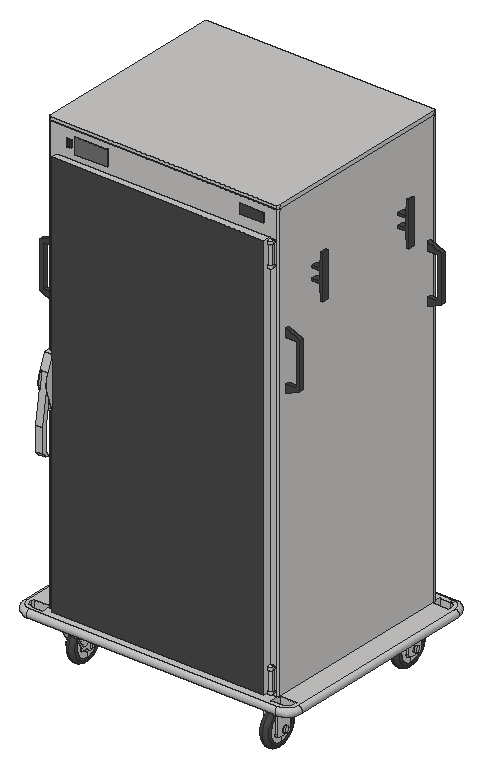
Revit family
Parameters
  Weight = "415 lbs."
  Watts = Apparent Power  # 0 W
  Volts = 0 V
  URL Manufacturer = "www.alto-shaam.com"
  URL Cutsheet = "www.alto-shaam.com"
  Type Mark [instance] = ""
  Status [instance] = ""
  Specification by User [instance] = ""
  Specification by Manufacturer = ""
  Show Logo [instance] = yes
  Show Left Door Swing [instance] = no
  Show Clearance [instance] = yes
  Serial Number = ""
  Seismic Rating = ""
  SMACNA No = ""
  Right Door [instance] = not(Show Left Door Swing)  # yes
  Revision Code [instance] = ""
  RC [instance] = and((not(Show Left Door Swing)), Show Clearance)  # yes
  Phase = 1
  Omniclass Number and Title = ""
  Number of Poles [instance] = 1
  NAFEM Spec ID Number = ""
  Model = "1000-BQ2-96"
  Min Ckt Ampacity = 0 A
  Max Overcurrent Protection = 0 A
  MasterSpec. = ""
  Manufacturer = "Alto-Shaam"
  Left Door [instance] = not(Right Door)  # no
  LHn-Dim [instance] = if(Show Left Door Swing, 33 7/8", 4 1/16")  # 4 1/16"
  LH-Dim [instance] = if(Show Left Door Swing, 33 1/2", 3 9/32")  # 3 9/32"
  LC [instance] = and(((Show Left Door Swing)), Show Clearance)  # no
  Item Number [instance] = ""
  Installed By [instance] = ""
  Identify Quantity as Lot [instance] = yes
  HP = ""
  Furnished By [instance] = ""
  Foodservice Equipment Identifier [instance] = yes
  FL Amps = 0 A
  Electrical Remarks [instance] = ""
  Electric Connection Type [instance] = ""
  Elec Conn RI Height [instance] = 0"
  Elec Conn Connection Height [instance] = 64 1/2"
  Door Left [instance] = if(Show Left Door Swing, 10 25/32", 33 1/2")  # 33 1/2"
  Description = "Hot Holding Banquet Carts"
  Cycle = if(Code = 0, (if([60 Hertz Option], 60 Hz, 50 Hz)), 60 Hz)  # 60 Hz
  Conn Plug NEMA = ""
  Conn Conduit = yes
  Code = 0
  CSI MasterFormat = ""
  CSI Master Format = ""
  Apparent Power = if(Phase = 3, Volts * FL Amps * 1.73, Volts * FL Amps)  # 0 VA
  60 Hertz Option = yes
  50 Hertz Option = not([60 Hertz Option])  # no
Reference planes (in)
  plane 1 "BACK": y = 0
  plane 2: z = 0
  plane 3 "LEFT": x = 0
  plane 4 "RIGHT": x = 37.9375
  plane 5 "FRONT": y = -30.8125
  plane 6 "TOP": z = 67.625
  plane 7: y = -15.375
  plane 8: z = 6.5625
  plane 9: x = 18.96875
  plane 10: z = 64.5
Forms (in)
  Extrusion 1, solid, material "QF_Finishes_Stainless Steel"
    sketch origin (0, 0, 0) x (1, 0, 0) y (0, 0, 1)
      loop
        line (3.28125, 67.18722) -> (34.65625, 67.18722) -> (34.65625, 67.625) -> (3.28125, 67.625) -> (3.28125, 67.18722)
      loop
        line (3.28125, 67.12472) -> (3.28125, 7.5625) -> (34.65625, 7.5625) -> (34.65625, 67.12472) -> (3.28125, 67.12472)
    from 1.8572 to 28.65119
  Extrusion 2, solid, material "QF_Finishes_Black"
    sketch origin (-58.76155, 0, 0) x (1, 0, 0) y (0, 0, 1)
      loop
        line (62.0428, 51.10392) -> (62.0428, 52.32533) -> (59.97259, 51.38227) -> (59.97259, 45.17783) -> (62.0428, 44.23477) -> (62.0428, 45.45618) -> (60.47259, 45.45618) -> (60.47259, 51.10392) -> (62.0428, 51.10392)
      loop
        line (93.4178, 51.10392) -> (94.98801, 51.10392) -> (94.98801, 45.45618) -> (93.4178, 45.45618) -> (93.4178, 44.23477) -> (95.48801, 45.17783) -> (95.48801, 51.38227) -> (93.4178, 52.32533) -> (93.4178, 51.10392)
    from 27.08462 to 27.58462
  Extrusion 3, solid, material "QF_Finishes_Black"
    sketch origin (-58.76155, 24.22335, 0) x (1, 0, 0) y (0, 0, 1)
      loop
        line (62.0428, 51.10392) -> (62.0428, 52.32533) -> (59.97259, 51.38227) -> (59.97259, 45.17783) -> (62.0428, 44.23477) -> (62.0428, 45.45618) -> (60.47259, 45.45618) -> (60.47259, 51.10392) -> (62.0428, 51.10392)
      loop
        line (93.4178, 51.10392) -> (94.98801, 51.10392) -> (94.98801, 45.45618) -> (93.4178, 45.45618) -> (93.4178, 44.23477) -> (95.48801, 45.17783) -> (95.48801, 51.38227) -> (93.4178, 52.32533) -> (93.4178, 51.10392)
    from 27.08462 to 27.58462
  Extrusion 4, solid, material "QF_Finishes_Stainless Steel"
    sketch origin (-7.5, -0.29863, 0) x (0, 1, 0) y (0, 0, 1)
      loop
        line (-28.35256, 39.09404) -> (-29.10256, 39.09404) -> (-30.0666, 36.49071) -> (-30.18722, 35.80667) -> (-30.0666, 35.12262) -> (-29.10256, 32.17868) -> (-28.35256, 32.17868) -> (-28.35256, 39.09404)
    from 10.78125 to 11.9375
  Extrusion 5, void
    sketch origin (-3.58767, -28.58869, 0) x (-1, 0, 0) y (0, 0, 1)
      loop
        line (-6.96406, 37.22632) -> (-7.91278, 37.22632) -> (-7.91278, 32.22632) -> (-6.96406, 32.22632) -> (-6.96406, 37.22632)
    from -2.08424 to -0.50373
  Extrusion 6, solid, material "QF_Finishes_Black"
    sketch origin (-58.76155, -28.58869, 0) x (1, 0, 0) y (0, 0, 1)
      loop
        line (95.06775, 60.07929) -> (94.78356, 60.07929) -> (94.61752, 58.0258) -> (93.4178, 58.0258) -> (93.4178, 57.69436) -> (94.59072, 57.69436) -> (94.59072, 56.46422) -> (93.4178, 56.46422) -> (93.4178, 56.12702) -> (94.61799, 56.12702) -> (94.78356, 54.07929) -> (95.06775, 54.07929) -> (95.06775, 60.07929)
    from -6.25559 to -5.50559
  Extrusion 7, solid, material "QF_Finishes_Black"
    sketch origin (-58.76155, -2.16131, 0) x (1, 0, 0) y (0, 0, -1)
      loop
        line (95.06775, -60.07929) -> (95.06775, -54.07929) -> (94.78356, -54.07929) -> (94.61799, -56.12702) -> (93.4178, -56.12702) -> (93.4178, -56.46422) -> (94.59072, -56.46422) -> (94.59072, -57.69436) -> (93.4178, -57.69436) -> (93.4178, -58.0258) -> (94.61752, -58.0258) -> (94.78356, -60.07929) -> (95.06775, -60.07929)
    from -6.25559 to -5.50559
  Revolve 8, solid, material "QF_Finishes_Stainless Steel"
    sketch origin (-0.40625, -28.97932, 0) x (1, 0, 0) y (0, 0, 1)
      loop
        line (34.28125, 59.97522) -> (34.28125, 63.42718)
        arc (34.28125, 63.42718) -> (34.13219, 63.40009) -> (34.0006, 63.32503) r 0.44951
        line (34.0006, 63.32503) -> (33.90625, 63.32503) -> (33.90625, 63.02257) -> (34, 63.02257) -> (34, 60.37983) -> (33.90625, 60.37983) -> (33.90625, 60.07737) -> (34.0006, 60.07737)
        arc (34.0006, 60.07737) -> (34.13219, 60.0023) -> (34.28125, 59.97522) r 0.44951
      loop
        arc (34.28125, 11.30708) -> (34.13219, 11.28) -> (34.0006, 11.20493) r 0.44951
        line (34.0006, 11.20493) -> (33.90625, 11.20493) -> (33.90625, 10.90247) -> (34, 10.90247) -> (34, 8.25973) -> (33.90625, 8.25973) -> (33.90625, 7.95727) -> (34.0006, 7.95727)
        arc (34.0006, 7.95727) -> (34.13219, 7.8822) -> (34.28125, 7.85512) r 0.44951
        line (34.28125, 7.85512) -> (34.28125, 11.30708)
      axis (34.28125, 63.42718) -> (34.28125, 7.85512)
    angle from 0 to 360
  Revolve 9, solid, material "QF_Finishes_Stainless Steel"
    sketch origin (4.05487, -25.08266, -0.03125) x (1, 0, 0) y (0, 0, 1)
      loop
        line (2.33423, 2.53125) -> (-0.16271, 2.53125) -> (-0.16271, 2.15401) -> (0.61965, 2.15401) -> (0.61965, 0.71822) -> (0.51815, 0.71822) -> (0.51815, 0.39637)
        arc (0.51815, 0.39637) -> (0.74119, 0.11934) -> (1.08576, 0.03125) r 0.56306
        arc (1.08576, 0.03125) -> (1.43033, 0.11934) -> (1.65337, 0.39637) r 0.56306
        line (1.65337, 0.39637) -> (1.65337, 0.71822) -> (1.55186, 0.71822) -> (1.55186, 2.15401) -> (2.33423, 2.15401) -> (2.33423, 2.53125)
      axis (-0.16271, 2.53125) -> (2.33423, 2.53125)
    angle from 0 to 360
  Revolve 10, solid, material "QF_Finishes_Stainless Steel"
    sketch origin (-19.58601, -26.53125, -1.03125) x (1, 0, 0) y (0, 0, 1)
      loop
        line (24.719, 6.40925) -> (26.05913, 6.40925) -> (26.05913, 6.84675) -> (25.594, 6.84675) -> (25.594, 7.59375) -> (24.719, 7.59375) -> (24.719, 6.40925)
      axis (24.719, 6.40925) -> (24.719, 7.59375)
    angle from 0 to 360
  Extrusion 11, solid, material "QF_Finishes_Stainless Steel"
    sketch origin (4.13299, 0.72984, 0) x (0, 1, 0) y (0, 0, 1)
      loop
        line (-26.19865, 5.378) -> (-28.66372, 5.378) -> (-26.50008, 1.77709) -> (-25.9553, 1.77709)
        arc (-25.9553, 1.77709) -> (-25.45467, 2.0745) -> (-25.24871, 2.61917) r 0.88151
        line (-25.24871, 2.61917) -> (-26.19865, 5.378)
    from 0 to 2
  Revolve 12, solid, material "QF_Finishes_Stainless Steel"
    sketch origin (67.89851, -4.21875, -1.03125) x (-1, 0, 0) y (0, 0, -1)
      loop
        line (35.1565, -6.40925) -> (35.1565, -7.59375) -> (36.0315, -7.59375) -> (36.0315, -7.47266) -> (35.92721, -7.47266) -> (35.92721, -7.41016) -> (36.0315, -7.41016) -> (36.0315, -6.90925) -> (35.92721, -6.90925) -> (35.92721, -6.84675) -> (36.49663, -6.84675) -> (36.49663, -6.40925) -> (35.1565, -6.40925)
      axis (35.1565, -6.40925) -> (35.1565, -7.59375)
    angle from 0 to 360
  Extrusion 13, solid, material "QF_Finishes_Stainless Steel"
    sketch origin (33.74201, -2.45766, 0) x (0, 1, 0) y (0, 0, -1)
      loop
        line (-2.76109, -5.378) -> (-0.76109, -5.378) -> (-0.76109, -2.02709)
        arc (-0.76109, -2.02709) -> (-0.83432, -1.85031) -> (-1.01109, -1.77709) r 0.25
        line (-1.01109, -1.77709) -> (-2.51109, -1.77709)
        arc (-2.51109, -1.77709) -> (-2.68787, -1.85031) -> (-2.76109, -2.02709) r 0.25
        line (-2.76109, -2.02709) -> (-2.76109, -5.378)
    from 0 to 2
  Revolve 14, solid, material "QF_Finishes_Stainless Steel"
    sketch origin (44.30451, -4.27016, -0.03125) x (-1, 0, 0) y (0, 0, -1)
      loop
        line (12.77173, -2.53125) -> (12.77173, -2.15401) -> (11.98936, -2.15401) -> (11.98936, -0.71822) -> (12.09087, -0.71822) -> (12.09087, -0.39637)
        arc (12.09087, -0.39637) -> (11.86783, -0.11934) -> (11.52326, -0.03125) r 0.56306
        arc (11.52326, -0.03125) -> (11.17869, -0.11934) -> (10.95565, -0.39637) r 0.56306
        line (10.95565, -0.39637) -> (10.95565, -0.71822) -> (11.05715, -0.71822) -> (11.05715, -2.15401) -> (10.27479, -2.15401) -> (10.27479, -2.53125) -> (12.77173, -2.53125)
      axis (10.27479, -2.53125) -> (12.77173, -2.53125)
    angle from 0 to 360
  Extrusion 15, solid, material "QF_Finishes_Stainless Steel"
    sketch origin (0, 0, 0.1875) x (1, 0, 0) y (0, 1, 0)
      loop
        line (37.9375, -28.8125) -> (37.9375, -2)
        arc (37.9375, -2) -> (37.35171, -0.58579) -> (35.9375, 0) r 2
        line (35.9375, 0) -> (2, 0)
        arc (2, 0) -> (0.58579, -0.58579) -> (0, -2) r 2
        line (0, -2) -> (0, -28.8125)
        arc (0, -28.8125) -> (0.58579, -30.22671) -> (2, -30.8125) r 2
        line (2, -30.8125) -> (35.9375, -30.8125)
        arc (35.9375, -30.8125) -> (37.35171, -30.22671) -> (37.9375, -28.8125) r 2
      loop
        line (3.38269, -29.8125) -> (3.38269, -28.38692) -> (1, -28.38692) -> (1, -28.8125)
        arc (1, -28.8125) -> (1.29289, -29.51961) -> (2, -29.8125) r 1
        line (2, -29.8125) -> (3.38269, -29.8125)
      loop
        line (3.38269, -1) -> (2, -1)
        arc (2, -1) -> (1.29289, -1.29289) -> (1, -2) r 1
        line (1, -2) -> (1, -2.42558) -> (3.38269, -2.42558) -> (3.38269, -1)
      loop
        line (34.55481, -29.8125) -> (35.9375, -29.8125)
        arc (35.9375, -29.8125) -> (36.64461, -29.51961) -> (36.9375, -28.8125) r 1
        line (36.9375, -28.8125) -> (36.9375, -28.38692) -> (34.55481, -28.38692) -> (34.55481, -29.8125)
      loop
        line (34.55481, -1) -> (34.55481, -2.42558) -> (36.9375, -2.42558) -> (36.9375, -2)
        arc (36.9375, -2) -> (36.64461, -1.29289) -> (35.9375, -1) r 1
        line (35.9375, -1) -> (34.55481, -1)
    from 6.375 to 7.375
  Extrusion 16, solid, material "QF_Finishes_Stainless Steel"
    sketch origin (4.00226, 0, 0) x (0, 1, 0) y (0, 0, 1)
      loop
        arc (-24.55755, 2.66998) -> (-25.1405, 3.12001) -> (-25.72345, 2.66998) r 0.60258
        line (-25.72345, 2.66998) -> (-26.73467, 2.66998) -> (-26.73467, 2.30386) -> (-25.70396, 2.30386)
        arc (-25.70396, 2.30386) -> (-25.1405, 1.91485) -> (-24.57704, 2.30386) r 0.60258
        line (-24.57704, 2.30386) -> (-23.56922, 2.30386) -> (-23.56922, 2.66998) -> (-24.55755, 2.66998)
    from 0 to 0.13073
  Extrusion 17, solid, material "QF_Finishes_Stainless Steel"
    sketch origin (6.26372, 0, 0) x (0, 1, 0) y (0, 0, -1)
      loop
        line (-24.55755, -2.66998) -> (-23.56922, -2.66998) -> (-23.56922, -2.30386) -> (-24.57704, -2.30386)
        arc (-24.57704, -2.30386) -> (-25.1405, -1.91485) -> (-25.70396, -2.30386) r 0.60258
        line (-25.70396, -2.30386) -> (-26.73467, -2.30386) -> (-26.73467, -2.66998) -> (-25.72345, -2.66998)
        arc (-25.72345, -2.66998) -> (-25.1405, -3.12001) -> (-24.55755, -2.66998) r 0.60258
    from 0 to 0.13073
  Revolve 18, solid, material "QF_Finishes_Stainless Steel"
    sketch origin (4.05487, -2.77016, -0.03125) x (1, 0, 0) y (0, 0, 1)
      loop
        line (2.33423, 2.53125) -> (-0.16271, 2.53125) -> (-0.16271, 2.15401) -> (0.61965, 2.15401) -> (0.61965, 0.71822) -> (0.51815, 0.71822) -> (0.51815, 0.39637)
        arc (0.51815, 0.39637) -> (0.74119, 0.11934) -> (1.08576, 0.03125) r 0.56306
        arc (1.08576, 0.03125) -> (1.43033, 0.11934) -> (1.65337, 0.39637) r 0.56306
        line (1.65337, 0.39637) -> (1.65337, 0.71822) -> (1.55186, 0.71822) -> (1.55186, 2.15401) -> (2.33423, 2.15401) -> (2.33423, 2.53125)
      axis (-0.16271, 2.53125) -> (2.33423, 2.53125)
    angle from 0 to 360
  Revolve 19, solid, material "QF_Finishes_Stainless Steel"
    sketch origin (-19.58601, -4.21875, -1.03125) x (1, 0, 0) y (0, 0, 1)
      loop
        line (24.719, 6.40925) -> (26.05913, 6.40925) -> (26.05913, 6.84675) -> (25.594, 6.84675) -> (25.594, 7.59375) -> (24.719, 7.59375) -> (24.719, 6.40925)
      axis (24.719, 6.40925) -> (24.719, 7.59375)
    angle from 0 to 360
  Extrusion 20, solid, material "QF_Finishes_Stainless Steel"
    sketch origin (4.13299, 23.04234, 0) x (0, 1, 0) y (0, 0, 1)
      loop
        line (-26.13615, 5.378) -> (-28.60122, 5.378) -> (-26.43758, 1.77709) -> (-25.8928, 1.77709)
        arc (-25.8928, 1.77709) -> (-25.39217, 2.0745) -> (-25.18621, 2.61917) r 0.88151
        line (-25.18621, 2.61917) -> (-26.13615, 5.378)
    from 0 to 2
  Extrusion 21, solid, material "QF_Finishes_Stainless Steel"
    sketch origin (4.00226, 22.3125, 0) x (0, 1, 0) y (0, 0, 1)
      loop
        arc (-24.49505, 2.66998) -> (-25.078, 3.12001) -> (-25.66095, 2.66998) r 0.60258
        line (-25.66095, 2.66998) -> (-26.67217, 2.66998) -> (-26.67217, 2.30386) -> (-25.64146, 2.30386)
        arc (-25.64146, 2.30386) -> (-25.078, 1.91485) -> (-24.51454, 2.30386) r 0.60258
        line (-24.51454, 2.30386) -> (-23.50672, 2.30386) -> (-23.50672, 2.66998) -> (-24.49505, 2.66998)
    from 0 to 0.13073
  Extrusion 22, solid, material "QF_Finishes_Stainless Steel"
    sketch origin (6.26372, 22.3125, 0) x (0, 1, 0) y (0, 0, -1)
      loop
        line (-24.49505, -2.66998) -> (-23.50672, -2.66998) -> (-23.50672, -2.30386) -> (-24.51454, -2.30386)
        arc (-24.51454, -2.30386) -> (-25.078, -1.91485) -> (-25.64146, -2.30386) r 0.60258
        line (-25.64146, -2.30386) -> (-26.67217, -2.30386) -> (-26.67217, -2.66998) -> (-25.66095, -2.66998)
        arc (-25.66095, -2.66998) -> (-25.078, -3.12001) -> (-24.49505, -2.66998) r 0.60258
    from 0 to 0.13073
  Revolve 23, solid, material "QF_Finishes_Stainless Steel"
    sketch origin (67.89851, -26.53125, -1.03125) x (-1, 0, 0) y (0, 0, -1)
      loop
        line (35.1565, -6.40925) -> (35.1565, -7.59375) -> (36.0315, -7.59375) -> (36.0315, -7.47266) -> (35.92721, -7.47266) -> (35.92721, -7.41016) -> (36.0315, -7.41016) -> (36.0315, -6.90925) -> (35.92721, -6.90925) -> (35.92721, -6.84675) -> (36.49663, -6.84675) -> (36.49663, -6.40925) -> (35.1565, -6.40925)
      axis (35.1565, -6.40925) -> (35.1565, -7.59375)
    angle from 0 to 360
  Extrusion 24, solid, material "QF_Finishes_Stainless Steel"
    sketch origin (33.74201, -24.77016, 0) x (0, 1, 0) y (0, 0, -1)
      loop
        line (-2.82359, -5.378) -> (-0.82359, -5.378) -> (-0.82359, -2.02709)
        arc (-0.82359, -2.02709) -> (-0.89682, -1.85031) -> (-1.07359, -1.77709) r 0.25
        line (-1.07359, -1.77709) -> (-2.57359, -1.77709)
        arc (-2.57359, -1.77709) -> (-2.75037, -1.85031) -> (-2.82359, -2.02709) r 0.25
        line (-2.82359, -2.02709) -> (-2.82359, -5.378)
    from 0 to 2
  Revolve 25, solid, material "QF_Finishes_Stainless Steel"
    sketch origin (44.30451, -26.58266, -0.03125) x (-1, 0, 0) y (0, 0, -1)
      loop
        line (12.77173, -2.53125) -> (12.77173, -2.15401) -> (11.98936, -2.15401) -> (11.98936, -0.71822) -> (12.09087, -0.71822) -> (12.09087, -0.39637)
        arc (12.09087, -0.39637) -> (11.86783, -0.11934) -> (11.52326, -0.03125) r 0.56306
        arc (11.52326, -0.03125) -> (11.17869, -0.11934) -> (10.95565, -0.39637) r 0.56306
        line (10.95565, -0.39637) -> (10.95565, -0.71822) -> (11.05715, -0.71822) -> (11.05715, -2.15401) -> (10.27479, -2.15401) -> (10.27479, -2.53125) -> (12.77173, -2.53125)
      axis (10.27479, -2.53125) -> (12.77173, -2.53125)
    angle from 0 to 360
  Revolve 26, solid, material "QF_Finishes_Stainless Steel"
    sketch origin (-19.58601, -26.53125, -1.03125) x (1, 0, 0) y (0, 0, 1)
      loop
        line (24.719, 6.40925) -> (26.05913, 6.40925) -> (26.05913, 6.84675) -> (25.594, 6.84675) -> (25.594, 7.59375) -> (24.719, 7.59375) -> (24.719, 6.40925)
      axis (24.719, 6.40925) -> (24.719, 7.59375)
    angle from 0 to 360
  Extrusion 27, solid, material "QF_Finishes_Stainless Steel"
    sketch origin (-9.44881, -28.58869, -0.94412) x (1, 0, 0) y (0, 0, 1)
      loop
        circle (28.41756, 65.44412) r 0.25
    from -26.86191 to -26.7315
  Extrusion 28, solid, material "QF_Finishes_Rubber Black"
    sketch origin (0, -28.65119, -0.1875) x (1, 0, 0) y (0, 0, 1)
      loop
        line (6.88756, 66.59063) -> (6.88756, 64.41159) -> (11.39155, 64.41159) -> (11.39155, 66.59063) -> (6.88756, 66.59063)
      loop
        line (5.78125, 66.00111) -> (5.78125, 65.00111) -> (6.41881, 65.00111) -> (6.41881, 66.00111) -> (5.78125, 66.00111)
    from 0 to 0.0625
  Extrusion 29, solid, material "QF_Finishes_Black"
    sketch origin (5.93238, -0.34558, -0.1875) x (0, 1, 0) y (0, 0, 1)
      loop
        line (-28.34858, 65.8825) -> (-28.51264, 65.8825) -> (-28.51264, 65.69757)
        arc (-28.51264, 65.69757) -> (-28.44869, 65.43811) -> (-28.46078, 65.17116) r 0.93473
        line (-28.46078, 65.17116) -> (-28.46078, 65.10779) -> (-28.34858, 65.10779) -> (-28.34858, 65.8825)
    from -0.01835 to 0.36592
  Extrusion 30, solid, material "QF_Finishes_Stainless Steel"
    sketch origin (-7.5, -0.375, 0) x (0, 1, 0) y (0, 0, 1)
      loop
        line (-29.65734, 27.035) -> (-30.13241, 27.72983) -> (-30.13241, 31.06769) -> (-29.67359, 34.35438) -> (-28.27619, 34.35438) -> (-28.27619, 37.27187) -> (-29.67359, 37.27187) -> (-30.56173, 30.90985) -> (-30.56173, 27.62535) -> (-30.03739, 27.035) -> (-29.65734, 27.035)
    from 10.87638 to 11.82511
  Extrusion 31, solid, material "QF_Finishes_Black", visible <- "Right Door"
    sketch origin (0, -28.65119, 0) x (1, 0, 0) y (0, 0, 1)
      loop
        line (4.4375, 63.4375) -> (4.4375, 7.8448) -> (33.5, 7.8448) -> (33.5, 63.4375) -> (4.4375, 63.4375)
    from 0 to 1
  Sweep 32, void
    path in 3D
      loop
        arc (37.9375, -2, 7.5625) -> (37.35171, -0.58579, 7.5625) -> (35.9375, 0, 7.5625) r 2
        line (35.9375, 0, 7.5625) -> (2, 0, 7.5625)
        arc (2, 0, 7.5625) -> (0.58579, -0.58579, 7.5625) -> (0, -2, 7.5625) r 2
        line (0, -2, 7.5625) -> (0, -28.8125, 7.5625)
        arc (0, -28.8125, 7.5625) -> (0.58579, -30.22671, 7.5625) -> (2, -30.8125, 7.5625) r 2
        line (2, -30.8125, 7.5625) -> (35.9375, -30.8125, 7.5625)
        arc (35.9375, -30.8125, 7.5625) -> (37.35171, -30.22671, 7.5625) -> (37.9375, -28.8125, 7.5625) r 2
        line (37.9375, -28.8125, 7.5625) -> (37.9375, -2, 7.5625)
    profile origin (37.9375, -15.40625, 7.5625) x (-1, 0, 0) y (0, 0, 1)
      loop
        line (-0.13943, 0) -> (-0.13943, -1) -> (0.5, -1)
        arc (0.5, -1) -> (0, -0.5) -> (0.5, 0) r 0.5
        line (0.5, 0) -> (-0.13943, 0)
  Extrusion 33, solid, material "QF_Finishes_Black", visible <- "Left Door"
    sketch origin (37.9375, -28.65119, 0) x (-1, 0, 0) y (0, 0, -1)
      loop
        line (4.4375, -63.4375) -> (33.5, -63.4375) -> (33.5, -7.8448) -> (4.4375, -7.8448) -> (4.4375, -63.4375)
    from 0 to 1
  Extrusion 34, solid, material "QF_Finishes_Door Clearance", visible <- "LC", detail levels coarse
    sketch origin (-23.29423, 21.48649, 0) x (1, 0, 0) y (0, 1, 0)
      loop
        line (27.73173, -51.13768) -> (27.73173, -81.11149)
        arc (27.73173, -81.11149) -> (48.47003, -72.14292) -> (56.79423, -51.13768) r 29.52412
        line (56.79423, -51.13768) -> (27.73173, -51.13768)
    from 7.8448 to 63.4375
  Extrusion 35, solid, material "QF_Finishes_Door Clearance", visible <- "RC", detail levels coarse
    sketch origin (61.23173, 21.48649, 0) x (-1, 0, 0) y (0, -1, 0)
      loop
        line (27.73173, 51.13768) -> (56.79423, 51.13768)
        arc (56.79423, 51.13768) -> (48.47003, 72.14292) -> (27.73173, 81.11149) r 29.52412
        line (27.73173, 81.11149) -> (27.73173, 51.13768)
    from 7.8448 to 63.4375
  Extrusion 36, solid, material "QF_Finishes_Black", visible <- "Show Logo"
    sketch origin (-8.06737, -28.65119, 0.13212) x (1, 0, 0) y (0, 0, 1)
      loop
        line (37.42279, 66.01846) -> (37.42279, 64.71398) -> (40.75647, 64.71398) -> (40.75647, 66.01846) -> (37.42279, 66.01846)
    from 0 to 0.02073
  Extrusion 37, void
    sketch origin (0, 0, 0) x (1, 0, 0) y (0, 1, 0)
      loop
        line (3.28125, -1.8572) -> (3.28125, -2.1072)
        arc (3.28125, -2.1072) -> (3.35447, -1.93042) -> (3.53125, -1.8572) r 0.25
        line (3.53125, -1.8572) -> (3.28125, -1.8572)
      loop
        line (34.65625, -1.8572) -> (34.40625, -1.8572)
        arc (34.40625, -1.8572) -> (34.58303, -1.93042) -> (34.65625, -2.1072) r 0.25
        line (34.65625, -2.1072) -> (34.65625, -1.8572)
      loop
        line (3.28125, -28.65119) -> (3.53125, -28.65119)
        arc (3.53125, -28.65119) -> (3.35447, -28.57797) -> (3.28125, -28.40119) r 0.25
        line (3.28125, -28.40119) -> (3.28125, -28.65119)
      loop
        line (34.65625, -28.65119) -> (34.65625, -28.40119)
        arc (34.65625, -28.40119) -> (34.58303, -28.57797) -> (34.40625, -28.65119) r 0.25
        line (34.40625, -28.65119) -> (34.65625, -28.65119)
    from 7.5625 to 67.625
Cuts and joins
  Extrusion 5 cuts Extrusion 4
  Sweep 32, Extrusion 37 cuts Extrusion 1
  Sweep 32, Extrusion 37 cuts Revolve 10
  Sweep 32, Extrusion 37 cuts Revolve 12
  Sweep 32, Extrusion 37 cuts Extrusion 15
  Sweep 32, Extrusion 37 cuts Revolve 19
  Sweep 32, Extrusion 37 cuts Revolve 23
  Sweep 32, Extrusion 37 cuts Revolve 26
  Extrusion 37 cuts Revolve 8
  Extrusion 37 cuts Revolve 9
  Extrusion 37 cuts Extrusion 11
  joined: Revolve 9, Extrusion 11
  Extrusion 37 cuts Extrusion 13
  Extrusion 37 cuts Revolve 14
  joined: Extrusion 13, Revolve 14
  Extrusion 37 cuts Extrusion 16
  Extrusion 37 cuts Extrusion 17
  Extrusion 37 cuts Revolve 18
  Extrusion 37 cuts Extrusion 20
  joined: Revolve 18, Extrusion 20
  Extrusion 37 cuts Extrusion 21
  Extrusion 37 cuts Extrusion 22
  Extrusion 37 cuts Extrusion 24
  Extrusion 37 cuts Revolve 25
  joined: Extrusion 24, Revolve 25
  Extrusion 37 cuts Extrusion 31
  Extrusion 37 cuts Extrusion 33
Lines and regions (in)
  Split face 1
    outline origin (0.0228, -28.71369, -0.22274) x (1, 0, 0) y (0, 0, 1)
      loop
        line (8.52867, 65.56061) -> (11.08064, 65.56061) -> (11.08064, 66.33896) -> (8.52867, 66.33896) -> (8.52867, 65.56061)
  Split face 2
    outline origin (0.03366, -28.71369, -1.17922) x (1, 0, 0) y (0, 0, 1)
      loop
        line (10.27886, 65.56061) -> (11.08064, 65.56061) -> (11.08064, 66.33896) -> (10.27886, 66.33896) -> (10.27886, 65.56061)
  Split face 3
    outline origin (-1.02656, -28.71369, -1.17922) x (1, 0, 0) y (0, 0, 1)
      loop
        line (10.27886, 65.56061) -> (11.08064, 65.56061) -> (11.08064, 66.33896) -> (10.27886, 66.33896) -> (10.27886, 65.56061)
  Split face 4
    outline origin (-3.35471, -28.71369, -0.14595) x (1, 0, 0) y (0, 0, 1)
      loop
        line (10.54212, 65.86832) -> (11.08064, 65.86832) -> (11.08064, 66.33896) -> (10.54212, 66.33896) -> (10.54212, 65.86832)
  Split face 5
    outline origin (-3.19394, -28.71369, -1.02858) x (1, 0, 0) y (0, 0, 1)
      loop
        circle (11.89594, 65.84328) r 0.31975
  Split face 6
    outline origin (0, -28.71369, -0.20312) x (1, 0, 0) y (0, 0, 1)
      loop
        arc (9.41486, 65.20456) -> (9.38681, 65.18862) -> (9.38613, 65.15637) r 0.03265
        line (9.38613, 65.15637) -> (9.62286, 64.71863)
        arc (9.62286, 64.71863) -> (9.65336, 64.70044) -> (9.68387, 64.71863) r 0.03468
        line (9.68387, 64.71863) -> (9.91897, 65.15338)
        arc (9.91897, 65.15338) -> (9.91826, 65.18763) -> (9.88847, 65.20456) r 0.03468
        line (9.88847, 65.20456) -> (9.41486, 65.20456)
  Split face 7
    outline origin (1.06021, -28.71369, 129.68626) x (1, 0, 0) y (0, 0, 1)
      loop
        line (9.41486, -65.17331) -> (9.88847, -65.17331)
        arc (9.88847, -65.17331) -> (9.91826, -65.15638) -> (9.91897, -65.12213) r 0.03468
        line (9.91897, -65.12213) -> (9.68387, -64.68738)
        arc (9.68387, -64.68738) -> (9.65336, -64.66919) -> (9.62286, -64.68738) r 0.03468
        line (9.62286, -64.68738) -> (9.38613, -65.12512)
        arc (9.38613, -65.12512) -> (9.38681, -65.15737) -> (9.41486, -65.17331) r 0.03265
  Split face 8
    outline origin (0.01389, -29.65119, 0) x (1, 0, 0) y (0, 0, 1)
      loop
        line (5.48611, 62.06303) -> (5.48611, 61.81303) -> (6.48611, 61.81303) -> (6.48611, 62.06303) -> (5.48611, 62.06303)
  Split face 9
    outline origin (1.24964, -29.65119, 0) x (1, 0, 0) y (0, 0, 1)
      loop
        line (5.49306, 62.06303) -> (5.49306, 61.81303) -> (6.49306, 61.81303) -> (6.49306, 62.06303) -> (5.49306, 62.06303)
  Split face 10
    outline origin (0.00694, -29.65119, -0.40552) x (1, 0, 0) y (0, 0, 1)
      loop
        line (5.49306, 62.06303) -> (5.49306, 61.81303) -> (6.49306, 61.81303) -> (6.49306, 62.06303) -> (5.49306, 62.06303)
  Split face 11
    outline origin (1.24964, -29.65119, -0.40552) x (1, 0, 0) y (0, 0, 1)
      loop
        line (5.49306, 62.06303) -> (5.49306, 61.81303) -> (6.49306, 61.81303) -> (6.49306, 62.06303) -> (5.49306, 62.06303)
  Split face 12
    outline origin (2.49927, -29.65119, 0) x (1, 0, 0) y (0, 0, 1)
      loop
        line (5.49306, 62.06303) -> (5.49306, 61.81303) -> (6.49306, 61.81303) -> (6.49306, 62.06303) -> (5.49306, 62.06303)
  Split face 13
    outline origin (2.49927, -29.65119, -0.40552) x (1, 0, 0) y (0, 0, 1)
      loop
        line (5.49306, 62.06303) -> (5.49306, 61.81303) -> (6.49306, 61.81303) -> (6.49306, 62.06303) -> (5.49306, 62.06303)
  Split face 14
    outline origin (3.74891, -29.65119, 0) x (1, 0, 0) y (0, 0, 1)
      loop
        line (5.49306, 62.06303) -> (5.49306, 61.81303) -> (6.49306, 61.81303) -> (6.49306, 62.06303) -> (5.49306, 62.06303)
  Split face 15
    outline origin (3.74891, -29.65119, -0.40552) x (1, 0, 0) y (0, 0, 1)
      loop
        line (5.49306, 62.06303) -> (5.49306, 61.81303) -> (6.49306, 61.81303) -> (6.49306, 62.06303) -> (5.49306, 62.06303)
  Split face 16
    outline origin (4.99855, -29.65119, 0) x (1, 0, 0) y (0, 0, 1)
      loop
        line (5.49306, 62.06303) -> (5.49306, 61.81303) -> (6.49306, 61.81303) -> (6.49306, 62.06303) -> (5.49306, 62.06303)
  Split face 17
    outline origin (4.99855, -29.65119, -0.40552) x (1, 0, 0) y (0, 0, 1)
      loop
        line (5.49306, 62.06303) -> (5.49306, 61.81303) -> (6.49306, 61.81303) -> (6.49306, 62.06303) -> (5.49306, 62.06303)
  Split face 18
    outline origin (6.24818, -29.65119, 0) x (1, 0, 0) y (0, 0, 1)
      loop
        line (5.49306, 62.06303) -> (5.49306, 61.81303) -> (6.49306, 61.81303) -> (6.49306, 62.06303) -> (5.49306, 62.06303)
  Split face 19
    outline origin (6.24818, -29.65119, -0.40552) x (1, 0, 0) y (0, 0, 1)
      loop
        line (5.49306, 62.06303) -> (5.49306, 61.81303) -> (6.49306, 61.81303) -> (6.49306, 62.06303) -> (5.49306, 62.06303)
  Split face 20
    outline origin (7.49782, -29.65119, 0) x (1, 0, 0) y (0, 0, 1)
      loop
        line (5.49306, 62.06303) -> (5.49306, 61.81303) -> (6.49306, 61.81303) -> (6.49306, 62.06303) -> (5.49306, 62.06303)
  Split face 21
    outline origin (7.49782, -29.65119, -0.40552) x (1, 0, 0) y (0, 0, 1)
      loop
        line (5.49306, 62.06303) -> (5.49306, 61.81303) -> (6.49306, 61.81303) -> (6.49306, 62.06303) -> (5.49306, 62.06303)
  Split face 22
    outline origin (8.74746, -29.65119, 0) x (1, 0, 0) y (0, 0, 1)
      loop
        line (5.49306, 62.06303) -> (5.49306, 61.81303) -> (6.49306, 61.81303) -> (6.49306, 62.06303) -> (5.49306, 62.06303)
  Split face 23
    outline origin (8.74746, -29.65119, -0.40552) x (1, 0, 0) y (0, 0, 1)
      loop
        line (5.49306, 62.06303) -> (5.49306, 61.81303) -> (6.49306, 61.81303) -> (6.49306, 62.06303) -> (5.49306, 62.06303)
  Split face 24
    outline origin (9.99709, -29.65119, 0) x (1, 0, 0) y (0, 0, 1)
      loop
        line (5.49306, 62.06303) -> (5.49306, 61.81303) -> (6.49306, 61.81303) -> (6.49306, 62.06303) -> (5.49306, 62.06303)
  Split face 25
    outline origin (9.99709, -29.65119, -0.40552) x (1, 0, 0) y (0, 0, 1)
      loop
        line (5.49306, 62.06303) -> (5.49306, 61.81303) -> (6.49306, 61.81303) -> (6.49306, 62.06303) -> (5.49306, 62.06303)
  Split face 26
    outline origin (0, -29.65119, 71.2823) x (1, 0, 0) y (0, 0, 1)
      loop
        line (5.49306, -62.06303) -> (6.49306, -62.06303) -> (6.49306, -61.81303) -> (5.49306, -61.81303) -> (5.49306, -62.06303)
  Split face 27
    outline origin (1.24964, -29.65119, 71.2823) x (1, 0, 0) y (0, 0, 1)
      loop
        line (5.49306, -62.06303) -> (6.49306, -62.06303) -> (6.49306, -61.81303) -> (5.49306, -61.81303) -> (5.49306, -62.06303)
  Split face 28
    outline origin (0, -29.65119, 70.87678) x (1, 0, 0) y (0, 0, 1)
      loop
        line (5.49306, -61.25199) -> (6.49306, -61.25199) -> (6.49306, -61.00199) -> (5.49306, -61.00199) -> (5.49306, -61.25199)
  Split face 29
    outline origin (1.24964, -29.65119, 70.87678) x (1, 0, 0) y (0, 0, 1)
      loop
        line (5.49306, -61.25199) -> (6.49306, -61.25199) -> (6.49306, -61.00199) -> (5.49306, -61.00199) -> (5.49306, -61.25199)
  Split face 30
    outline origin (2.49927, -29.65119, 71.2823) x (1, 0, 0) y (0, 0, 1)
      loop
        line (5.49306, -62.06303) -> (6.49306, -62.06303) -> (6.49306, -61.81303) -> (5.49306, -61.81303) -> (5.49306, -62.06303)
  Split face 31
    outline origin (2.49927, -29.65119, 70.87678) x (1, 0, 0) y (0, 0, 1)
      loop
        line (5.49306, -61.25199) -> (6.49306, -61.25199) -> (6.49306, -61.00199) -> (5.49306, -61.00199) -> (5.49306, -61.25199)
  Split face 32
    outline origin (3.74891, -29.65119, 71.2823) x (1, 0, 0) y (0, 0, 1)
      loop
        line (5.49306, -62.06303) -> (6.49306, -62.06303) -> (6.49306, -61.81303) -> (5.49306, -61.81303) -> (5.49306, -62.06303)
  Split face 33
    outline origin (3.74891, -29.65119, 70.87678) x (1, 0, 0) y (0, 0, 1)
      loop
        line (5.49306, -61.25199) -> (6.49306, -61.25199) -> (6.49306, -61.00199) -> (5.49306, -61.00199) -> (5.49306, -61.25199)
  Split face 34
    outline origin (4.99855, -29.65119, 71.2823) x (1, 0, 0) y (0, 0, 1)
      loop
        line (5.49306, -62.06303) -> (6.49306, -62.06303) -> (6.49306, -61.81303) -> (5.49306, -61.81303) -> (5.49306, -62.06303)
  Split face 35
    outline origin (4.99855, -29.65119, 70.87678) x (1, 0, 0) y (0, 0, 1)
      loop
        line (5.49306, -61.25199) -> (6.49306, -61.25199) -> (6.49306, -61.00199) -> (5.49306, -61.00199) -> (5.49306, -61.25199)
  Split face 36
    outline origin (6.24818, -29.65119, 71.2823) x (1, 0, 0) y (0, 0, 1)
      loop
        line (5.49306, -62.06303) -> (6.49306, -62.06303) -> (6.49306, -61.81303) -> (5.49306, -61.81303) -> (5.49306, -62.06303)
  Split face 37
    outline origin (6.24818, -29.65119, 70.87678) x (1, 0, 0) y (0, 0, 1)
      loop
        line (5.49306, -61.25199) -> (6.49306, -61.25199) -> (6.49306, -61.00199) -> (5.49306, -61.00199) -> (5.49306, -61.25199)
  Split face 38
    outline origin (7.49782, -29.65119, 71.2823) x (1, 0, 0) y (0, 0, 1)
      loop
        line (5.49306, -62.06303) -> (6.49306, -62.06303) -> (6.49306, -61.81303) -> (5.49306, -61.81303) -> (5.49306, -62.06303)
  Split face 39
    outline origin (7.49782, -29.65119, 70.87678) x (1, 0, 0) y (0, 0, 1)
      loop
        line (5.49306, -61.25199) -> (6.49306, -61.25199) -> (6.49306, -61.00199) -> (5.49306, -61.00199) -> (5.49306, -61.25199)
  Split face 40
    outline origin (8.74746, -29.65119, 71.2823) x (1, 0, 0) y (0, 0, 1)
      loop
        line (5.49306, -62.06303) -> (6.49306, -62.06303) -> (6.49306, -61.81303) -> (5.49306, -61.81303) -> (5.49306, -62.06303)
  Split face 41
    outline origin (8.74746, -29.65119, 70.87678) x (1, 0, 0) y (0, 0, 1)
      loop
        line (5.49306, -61.25199) -> (6.49306, -61.25199) -> (6.49306, -61.00199) -> (5.49306, -61.00199) -> (5.49306, -61.25199)
  Split face 42
    outline origin (9.99709, -29.65119, 71.2823) x (1, 0, 0) y (0, 0, 1)
      loop
        line (5.49306, -62.06303) -> (6.49306, -62.06303) -> (6.49306, -61.81303) -> (5.49306, -61.81303) -> (5.49306, -62.06303)
  Split face 43
    outline origin (9.99709, -29.65119, 70.87678) x (1, 0, 0) y (0, 0, 1)
      loop
        line (5.49306, -61.25199) -> (6.49306, -61.25199) -> (6.49306, -61.00199) -> (5.49306, -61.00199) -> (5.49306, -61.25199)
  Split face 44
    outline origin (11.24673, -29.65119, 0) x (1, 0, 0) y (0, 0, 1)
      loop
        line (5.49306, 62.06303) -> (5.49306, 61.81303) -> (6.49306, 61.81303) -> (6.49306, 62.06303) -> (5.49306, 62.06303)
  Split face 45
    outline origin (11.24673, -29.65119, -0.40552) x (1, 0, 0) y (0, 0, 1)
      loop
        line (5.49306, 62.06303) -> (5.49306, 61.81303) -> (6.49306, 61.81303) -> (6.49306, 62.06303) -> (5.49306, 62.06303)
  Split face 46
    outline origin (12.49637, -29.65119, 0) x (1, 0, 0) y (0, 0, 1)
      loop
        line (5.49306, 62.06303) -> (5.49306, 61.81303) -> (6.49306, 61.81303) -> (6.49306, 62.06303) -> (5.49306, 62.06303)
  Split face 47
    outline origin (12.49637, -29.65119, -0.40552) x (1, 0, 0) y (0, 0, 1)
      loop
        line (5.49306, 62.06303) -> (5.49306, 61.81303) -> (6.49306, 61.81303) -> (6.49306, 62.06303) -> (5.49306, 62.06303)
  Split face 48
    outline origin (13.746, -29.65119, 0) x (1, 0, 0) y (0, 0, 1)
      loop
        line (5.49306, 62.06303) -> (5.49306, 61.81303) -> (6.49306, 61.81303) -> (6.49306, 62.06303) -> (5.49306, 62.06303)
  Split face 49
    outline origin (13.746, -29.65119, -0.40552) x (1, 0, 0) y (0, 0, 1)
      loop
        line (5.49306, 62.06303) -> (5.49306, 61.81303) -> (6.49306, 61.81303) -> (6.49306, 62.06303) -> (5.49306, 62.06303)
  Split face 50
    outline origin (11.24673, -29.65119, 71.2823) x (1, 0, 0) y (0, 0, 1)
      loop
        line (5.49306, -62.06303) -> (6.49306, -62.06303) -> (6.49306, -61.81303) -> (5.49306, -61.81303) -> (5.49306, -62.06303)
  Split face 51
    outline origin (11.24673, -29.65119, 70.87678) x (1, 0, 0) y (0, 0, 1)
      loop
        line (5.49306, -61.25199) -> (6.49306, -61.25199) -> (6.49306, -61.00199) -> (5.49306, -61.00199) -> (5.49306, -61.25199)
  Split face 52
    outline origin (12.49637, -29.65119, 71.2823) x (1, 0, 0) y (0, 0, 1)
      loop
        line (5.49306, -62.06303) -> (6.49306, -62.06303) -> (6.49306, -61.81303) -> (5.49306, -61.81303) -> (5.49306, -62.06303)
  Split face 53
    outline origin (12.49637, -29.65119, 70.87678) x (1, 0, 0) y (0, 0, 1)
      loop
        line (5.49306, -61.25199) -> (6.49306, -61.25199) -> (6.49306, -61.00199) -> (5.49306, -61.00199) -> (5.49306, -61.25199)
  Split face 54
    outline origin (13.746, -29.65119, 71.2823) x (1, 0, 0) y (0, 0, 1)
      loop
        line (5.49306, -62.06303) -> (6.49306, -62.06303) -> (6.49306, -61.81303) -> (5.49306, -61.81303) -> (5.49306, -62.06303)
  Split face 55
    outline origin (13.746, -29.65119, 70.87678) x (1, 0, 0) y (0, 0, 1)
      loop
        line (5.49306, -61.25199) -> (6.49306, -61.25199) -> (6.49306, -61.00199) -> (5.49306, -61.00199) -> (5.49306, -61.25199)
  Split face 56
    outline origin (0, -28.71369, -0.1875) x (1, 0, 0) y (0, 0, 1)
      loop
        line (5.79688, 65.98548) -> (5.79688, 65.01673) -> (6.40318, 65.01673) -> (6.40318, 65.98548) -> (5.79688, 65.98548)
  Split face 57
    outline origin (37.92361, -29.65119, 0) x (-1, 0, 0) y (0, 0, -1)
      loop
        line (5.48611, -62.06303) -> (6.48611, -62.06303) -> (6.48611, -61.81303) -> (5.48611, -61.81303) -> (5.48611, -62.06303)
  Split face 58
    outline origin (36.68786, -29.65119, 0) x (-1, 0, 0) y (0, 0, -1)
      loop
        line (5.49306, -62.06303) -> (6.49306, -62.06303) -> (6.49306, -61.81303) -> (5.49306, -61.81303) -> (5.49306, -62.06303)
  Split face 59
    outline origin (36.68786, -29.65119, 0.40552) x (-1, 0, 0) y (0, 0, -1)
      loop
        line (5.49306, -61.25199) -> (6.49306, -61.25199) -> (6.49306, -61.00199) -> (5.49306, -61.00199) -> (5.49306, -61.25199)
  Split face 60
    outline origin (35.43823, -29.65119, 0) x (-1, 0, 0) y (0, 0, -1)
      loop
        line (5.49306, -62.06303) -> (6.49306, -62.06303) -> (6.49306, -61.81303) -> (5.49306, -61.81303) -> (5.49306, -62.06303)
  Split face 61
    outline origin (35.43823, -29.65119, 0.40552) x (-1, 0, 0) y (0, 0, -1)
      loop
        line (5.49306, -61.25199) -> (6.49306, -61.25199) -> (6.49306, -61.00199) -> (5.49306, -61.00199) -> (5.49306, -61.25199)
  Split face 62
    outline origin (34.18859, -29.65119, 0) x (-1, 0, 0) y (0, 0, -1)
      loop
        line (5.49306, -62.06303) -> (6.49306, -62.06303) -> (6.49306, -61.81303) -> (5.49306, -61.81303) -> (5.49306, -62.06303)
  Split face 63
    outline origin (34.18859, -29.65119, 0.40552) x (-1, 0, 0) y (0, 0, -1)
      loop
        line (5.49306, -61.25199) -> (6.49306, -61.25199) -> (6.49306, -61.00199) -> (5.49306, -61.00199) -> (5.49306, -61.25199)
  Split face 64
    outline origin (32.93895, -29.65119, 0) x (-1, 0, 0) y (0, 0, -1)
      loop
        line (5.49306, -62.06303) -> (6.49306, -62.06303) -> (6.49306, -61.81303) -> (5.49306, -61.81303) -> (5.49306, -62.06303)
  Split face 65
    outline origin (32.93895, -29.65119, 0.40552) x (-1, 0, 0) y (0, 0, -1)
      loop
        line (5.49306, -61.25199) -> (6.49306, -61.25199) -> (6.49306, -61.00199) -> (5.49306, -61.00199) -> (5.49306, -61.25199)
  Split face 66
    outline origin (31.68932, -29.65119, 0) x (-1, 0, 0) y (0, 0, -1)
      loop
        line (5.49306, -62.06303) -> (6.49306, -62.06303) -> (6.49306, -61.81303) -> (5.49306, -61.81303) -> (5.49306, -62.06303)
  Split face 67
    outline origin (31.68932, -29.65119, 0.40552) x (-1, 0, 0) y (0, 0, -1)
      loop
        line (5.49306, -61.25199) -> (6.49306, -61.25199) -> (6.49306, -61.00199) -> (5.49306, -61.00199) -> (5.49306, -61.25199)
  Split face 68
    outline origin (30.43968, -29.65119, 0) x (-1, 0, 0) y (0, 0, -1)
      loop
        line (5.49306, -62.06303) -> (6.49306, -62.06303) -> (6.49306, -61.81303) -> (5.49306, -61.81303) -> (5.49306, -62.06303)
  Split face 69
    outline origin (30.43968, -29.65119, 0.40552) x (-1, 0, 0) y (0, 0, -1)
      loop
        line (5.49306, -61.25199) -> (6.49306, -61.25199) -> (6.49306, -61.00199) -> (5.49306, -61.00199) -> (5.49306, -61.25199)
  Split face 70
    outline origin (29.19004, -29.65119, 0) x (-1, 0, 0) y (0, 0, -1)
      loop
        line (5.49306, -62.06303) -> (6.49306, -62.06303) -> (6.49306, -61.81303) -> (5.49306, -61.81303) -> (5.49306, -62.06303)
  Split face 71
    outline origin (29.19004, -29.65119, 0.40552) x (-1, 0, 0) y (0, 0, -1)
      loop
        line (5.49306, -61.25199) -> (6.49306, -61.25199) -> (6.49306, -61.00199) -> (5.49306, -61.00199) -> (5.49306, -61.25199)
  Split face 72
    outline origin (27.94041, -29.65119, 0) x (-1, 0, 0) y (0, 0, -1)
      loop
        line (5.49306, -62.06303) -> (6.49306, -62.06303) -> (6.49306, -61.81303) -> (5.49306, -61.81303) -> (5.49306, -62.06303)
  Split face 73
    outline origin (27.94041, -29.65119, 0.40552) x (-1, 0, 0) y (0, 0, -1)
      loop
        line (5.49306, -61.25199) -> (6.49306, -61.25199) -> (6.49306, -61.00199) -> (5.49306, -61.00199) -> (5.49306, -61.25199)
  Split face 74
    outline origin (37.9375, -29.65119, -71.2823) x (-1, 0, 0) y (0, 0, -1)
      loop
        line (5.49306, -80.50157) -> (5.49306, -80.75157) -> (6.49306, -80.75157) -> (6.49306, -80.50157) -> (5.49306, -80.50157)
  Split face 75
    outline origin (36.68786, -29.65119, -71.2823) x (-1, 0, 0) y (0, 0, -1)
      loop
        line (5.49306, -80.50157) -> (5.49306, -80.75157) -> (6.49306, -80.75157) -> (6.49306, -80.50157) -> (5.49306, -80.50157)
  Split face 76
    outline origin (37.9375, -29.65119, -70.87678) x (-1, 0, 0) y (0, 0, -1)
      loop
        line (5.49306, -80.50157) -> (5.49306, -80.75157) -> (6.49306, -80.75157) -> (6.49306, -80.50157) -> (5.49306, -80.50157)
  Split face 77
    outline origin (36.68786, -29.65119, -70.87678) x (-1, 0, 0) y (0, 0, -1)
      loop
        line (5.49306, -80.50157) -> (5.49306, -80.75157) -> (6.49306, -80.75157) -> (6.49306, -80.50157) -> (5.49306, -80.50157)
  Split face 78
    outline origin (35.43823, -29.65119, -71.2823) x (-1, 0, 0) y (0, 0, -1)
      loop
        line (5.49306, -80.50157) -> (5.49306, -80.75157) -> (6.49306, -80.75157) -> (6.49306, -80.50157) -> (5.49306, -80.50157)
  Split face 79
    outline origin (35.43823, -29.65119, -70.87678) x (-1, 0, 0) y (0, 0, -1)
      loop
        line (5.49306, -80.50157) -> (5.49306, -80.75157) -> (6.49306, -80.75157) -> (6.49306, -80.50157) -> (5.49306, -80.50157)
  Split face 80
    outline origin (34.18859, -29.65119, -71.2823) x (-1, 0, 0) y (0, 0, -1)
      loop
        line (5.49306, -80.50157) -> (5.49306, -80.75157) -> (6.49306, -80.75157) -> (6.49306, -80.50157) -> (5.49306, -80.50157)
  Split face 81
    outline origin (34.18859, -29.65119, -70.87678) x (-1, 0, 0) y (0, 0, -1)
      loop
        line (5.49306, -80.50157) -> (5.49306, -80.75157) -> (6.49306, -80.75157) -> (6.49306, -80.50157) -> (5.49306, -80.50157)
  Split face 82
    outline origin (32.93895, -29.65119, -71.2823) x (-1, 0, 0) y (0, 0, -1)
      loop
        line (5.49306, -80.50157) -> (5.49306, -80.75157) -> (6.49306, -80.75157) -> (6.49306, -80.50157) -> (5.49306, -80.50157)
  Split face 83
    outline origin (32.93895, -29.65119, -70.87678) x (-1, 0, 0) y (0, 0, -1)
      loop
        line (5.49306, -80.50157) -> (5.49306, -80.75157) -> (6.49306, -80.75157) -> (6.49306, -80.50157) -> (5.49306, -80.50157)
  Split face 84
    outline origin (31.68932, -29.65119, -71.2823) x (-1, 0, 0) y (0, 0, -1)
      loop
        line (5.49306, -80.50157) -> (5.49306, -80.75157) -> (6.49306, -80.75157) -> (6.49306, -80.50157) -> (5.49306, -80.50157)
  Split face 85
    outline origin (31.68932, -29.65119, -70.87678) x (-1, 0, 0) y (0, 0, -1)
      loop
        line (5.49306, -80.50157) -> (5.49306, -80.75157) -> (6.49306, -80.75157) -> (6.49306, -80.50157) -> (5.49306, -80.50157)
  Split face 86
    outline origin (30.43968, -29.65119, -71.2823) x (-1, 0, 0) y (0, 0, -1)
      loop
        line (5.49306, -80.50157) -> (5.49306, -80.75157) -> (6.49306, -80.75157) -> (6.49306, -80.50157) -> (5.49306, -80.50157)
  Split face 87
    outline origin (30.43968, -29.65119, -70.87678) x (-1, 0, 0) y (0, 0, -1)
      loop
        line (5.49306, -80.50157) -> (5.49306, -80.75157) -> (6.49306, -80.75157) -> (6.49306, -80.50157) -> (5.49306, -80.50157)
  Split face 88
    outline origin (29.19004, -29.65119, -71.2823) x (-1, 0, 0) y (0, 0, -1)
      loop
        line (5.49306, -80.50157) -> (5.49306, -80.75157) -> (6.49306, -80.75157) -> (6.49306, -80.50157) -> (5.49306, -80.50157)
  Split face 89
    outline origin (29.19004, -29.65119, -70.87678) x (-1, 0, 0) y (0, 0, -1)
      loop
        line (5.49306, -80.50157) -> (5.49306, -80.75157) -> (6.49306, -80.75157) -> (6.49306, -80.50157) -> (5.49306, -80.50157)
  Split face 90
    outline origin (27.94041, -29.65119, -71.2823) x (-1, 0, 0) y (0, 0, -1)
      loop
        line (5.49306, -80.50157) -> (5.49306, -80.75157) -> (6.49306, -80.75157) -> (6.49306, -80.50157) -> (5.49306, -80.50157)
  Split face 91
    outline origin (27.94041, -29.65119, -70.87678) x (-1, 0, 0) y (0, 0, -1)
      loop
        line (5.49306, -80.50157) -> (5.49306, -80.75157) -> (6.49306, -80.75157) -> (6.49306, -80.50157) -> (5.49306, -80.50157)
  Split face 92
    outline origin (26.69077, -29.65119, 0) x (-1, 0, 0) y (0, 0, -1)
      loop
        line (5.49306, -62.06303) -> (6.49306, -62.06303) -> (6.49306, -61.81303) -> (5.49306, -61.81303) -> (5.49306, -62.06303)
  Split face 93
    outline origin (26.69077, -29.65119, 0.40552) x (-1, 0, 0) y (0, 0, -1)
      loop
        line (5.49306, -61.25199) -> (6.49306, -61.25199) -> (6.49306, -61.00199) -> (5.49306, -61.00199) -> (5.49306, -61.25199)
  Split face 94
    outline origin (25.44113, -29.65119, 0) x (-1, 0, 0) y (0, 0, -1)
      loop
        line (5.49306, -62.06303) -> (6.49306, -62.06303) -> (6.49306, -61.81303) -> (5.49306, -61.81303) -> (5.49306, -62.06303)
  Split face 95
    outline origin (25.44113, -29.65119, 0.40552) x (-1, 0, 0) y (0, 0, -1)
      loop
        line (5.49306, -61.25199) -> (6.49306, -61.25199) -> (6.49306, -61.00199) -> (5.49306, -61.00199) -> (5.49306, -61.25199)
  Split face 96
    outline origin (24.1915, -29.65119, 0) x (-1, 0, 0) y (0, 0, -1)
      loop
        line (5.49306, -62.06303) -> (6.49306, -62.06303) -> (6.49306, -61.81303) -> (5.49306, -61.81303) -> (5.49306, -62.06303)
  Split face 97
    outline origin (26.69077, -29.65119, -71.2823) x (-1, 0, 0) y (0, 0, -1)
      loop
        line (5.49306, -80.50157) -> (5.49306, -80.75157) -> (6.49306, -80.75157) -> (6.49306, -80.50157) -> (5.49306, -80.50157)
  Split face 98
    outline origin (26.69077, -29.65119, -70.87678) x (-1, 0, 0) y (0, 0, -1)
      loop
        line (5.49306, -80.50157) -> (5.49306, -80.75157) -> (6.49306, -80.75157) -> (6.49306, -80.50157) -> (5.49306, -80.50157)
  Split face 99
    outline origin (25.44113, -29.65119, -71.2823) x (-1, 0, 0) y (0, 0, -1)
      loop
        line (5.49306, -80.50157) -> (5.49306, -80.75157) -> (6.49306, -80.75157) -> (6.49306, -80.50157) -> (5.49306, -80.50157)
  Split face 100
    outline origin (25.44113, -29.65119, -70.87678) x (-1, 0, 0) y (0, 0, -1)
      loop
        line (5.49306, -80.50157) -> (5.49306, -80.75157) -> (6.49306, -80.75157) -> (6.49306, -80.50157) -> (5.49306, -80.50157)
  Split face 101
    outline origin (24.1915, -29.65119, -71.2823) x (-1, 0, 0) y (0, 0, -1)
      loop
        line (5.49306, -80.50157) -> (5.49306, -80.75157) -> (6.49306, -80.75157) -> (6.49306, -80.50157) -> (5.49306, -80.50157)
  Split face 102
    outline origin (24.1915, -29.65119, -70.87678) x (-1, 0, 0) y (0, 0, -1)
      loop
        line (5.49306, -80.50157) -> (5.49306, -80.75157) -> (6.49306, -80.75157) -> (6.49306, -80.50157) -> (5.49306, -80.50157)
  Split face 103
    outline origin (25.44113, -29.65119, -0.40145) x (-1, 0, 0) y (0, 0, -1)
      loop
        line (6.74269, -62.05896) -> (7.74269, -62.05896) -> (7.74269, -61.80896) -> (6.74269, -61.80896) -> (6.74269, -62.05896)
  Split face 104
    outline origin (36.67711, -29.65119, -2.23578) x (-1, 0, 0) y (0, 0, -1)
      loop
        line (4.23961, -63.6433) -> (4.23961, -63.8933) -> (5.23961, -63.8933) -> (5.23961, -63.6433) -> (4.23961, -63.6433)
  Split face 105
    outline origin (-8.06737, -28.67193, 0.13212) x (1, 0, 0) y (0, 0, 1)
      loop
        line (37.71734, 65.23787) -> (37.75688, 65.33104) -> (37.87775, 65.33104) -> (37.91165, 65.23787) -> (37.98553, 65.23787) -> (37.87063, 65.55356) -> (37.79566, 65.55356) -> (37.66165, 65.23787) -> (37.71734, 65.23787)
  Split face 106
    outline origin (-8.06737, -28.67193, 0.13212) x (1, 0, 0) y (0, 0, 1)
      loop
        line (38.01635, 65.55356) -> (38.01635, 65.23787) -> (38.21001, 65.23787) -> (38.21001, 65.28478) -> (38.09639, 65.28478) -> (38.09639, 65.55356) -> (38.01635, 65.55356)
  Split face 107
    outline origin (-8.06737, -28.67193, 0.13212) x (1, 0, 0) y (0, 0, 1)
      loop
        line (38.16729, 65.55356) -> (38.16729, 65.51136) -> (38.25437, 65.51136) -> (38.25437, 65.23787) -> (38.34264, 65.23787) -> (38.34264, 65.51136) -> (38.42853, 65.51136) -> (38.42853, 65.55356) -> (38.16729, 65.55356)
  Split face 108
    outline origin (-8.06737, -28.67193, 0.13212) x (1, 0, 0) y (0, 0, 1)
      loop
        circle (38.59655, 65.3925) r 0.16167
  Split face 109
    outline origin (-8.06737, -28.67193, 0.13212) x (1, 0, 0) y (0, 0, 1)
      loop
        line (39.13208, 65.55356) -> (39.09568, 65.55356)
        arc (39.09568, 65.55356) -> (38.99673, 65.4546) -> (39.09568, 65.35565) r 0.09896
        arc (39.09568, 65.35565) -> (39.13547, 65.31586) -> (39.09568, 65.27608) r 0.03978
        arc (39.09568, 65.27608) -> (39.04775, 65.28453) -> (39.00559, 65.30887) r 0.14015
        line (39.00559, 65.30887) -> (39.00559, 65.27334)
        arc (39.00559, 65.27334) -> (39.06721, 65.24522) -> (39.13444, 65.23703) r 0.22151
        arc (39.13444, 65.23703) -> (39.20792, 65.33001) -> (39.13752, 65.42535) r 0.09761
        arc (39.13752, 65.42535) -> (39.05964, 65.4681) -> (39.13082, 65.52128) r 0.05283
        arc (39.13082, 65.52128) -> (39.14969, 65.50914) -> (39.16183, 65.49027) r 0.05283
        line (39.16183, 65.49027) -> (39.19537, 65.49027)
        arc (39.19537, 65.49027) -> (39.17683, 65.53502) -> (39.13208, 65.55356) r 0.06329
  Split face 110
    outline origin (-8.06737, -28.67193, 0.13212) x (1, 0, 0) y (0, 0, 1)
      loop
        line (39.30669, 65.55356) -> (39.23775, 65.55356) -> (39.23775, 65.23787) -> (39.30669, 65.23787) -> (39.30669, 65.37596) -> (39.41191, 65.37596) -> (39.41191, 65.23787) -> (39.48993, 65.23787) -> (39.48993, 65.55356) -> (39.41191, 65.55356) -> (39.41191, 65.41849) -> (39.30669, 65.41849) -> (39.30669, 65.55356)
  Split face 111
    outline origin (-6.22197, -28.67193, 0.13461) x (1, 0, 0) y (0, 0, 1)
      loop
        line (37.71734, 65.23787) -> (37.75688, 65.33104) -> (37.87775, 65.33104) -> (37.91165, 65.23787) -> (37.98553, 65.23787) -> (37.87063, 65.55356) -> (37.79566, 65.55356) -> (37.66165, 65.23787) -> (37.71734, 65.23787)
  Split face 112
    outline origin (-5.88032, -28.67193, 0.13461) x (1, 0, 0) y (0, 0, 1)
      loop
        line (37.71734, 65.23787) -> (37.75688, 65.33104) -> (37.87775, 65.33104) -> (37.91165, 65.23787) -> (37.98553, 65.23787) -> (37.87063, 65.55356) -> (37.79566, 65.55356) -> (37.66165, 65.23787) -> (37.71734, 65.23787)
  Split face 113
    outline origin (-8.06737, -28.67193, 0.13212) x (1, 0, 0) y (0, 0, 1)
      loop
        line (40.19299, 65.55356) -> (40.19299, 65.23787) -> (40.24652, 65.23787) -> (40.24652, 65.44109) -> (40.33596, 65.25772) -> (40.44036, 65.41849) -> (40.44036, 65.23787) -> (40.5093, 65.23787) -> (40.5093, 65.55356) -> (40.44801, 65.55356) -> (40.33964, 65.38667) -> (40.2789, 65.55356) -> (40.19299, 65.55356)
  Split face 114
    outline origin (-8.06737, -28.67193, 0.13212) x (1, 0, 0) y (0, 0, 1)
      loop
        line (37.77339, 65.36992) -> (37.86359, 65.36992) -> (37.82195, 65.48433) -> (37.77339, 65.36992)
  Split face 115
    outline origin (-8.06737, -28.67193, 0.13212) x (1, 0, 0) y (0, 0, 1)
      loop
        line (39.61739, 65.36992) -> (39.7076, 65.36992) -> (39.66595, 65.48433) -> (39.61739, 65.36992)
  Split face 116
    outline origin (-8.06737, -28.67193, 0.13212) x (1, 0, 0) y (0, 0, 1)
      loop
        line (39.9578, 65.36992) -> (40.04801, 65.36992) -> (40.00637, 65.48433) -> (39.9578, 65.36992)
  Split face 117
    outline origin (-8.06737, -28.67193, 0.13212) x (1, 0, 0) y (0, 0, 1)
      loop
        circle (38.61704, 65.38555) r 0.12633
  Split face 118
    outline origin (-8.06737, -28.67193, 0.13212) x (1, 0, 0) y (0, 0, 1)
      loop
        spline (39.19506, 65.50824) -> (39.24749, 65.61493) -> (39.28009, 65.71053) -> (39.29152, 65.79105) -> (39.2813, 65.85315) -> (39.24986, 65.89425) -> (39.19849, 65.91263) -> (39.12935, 65.90755) -> (39.0453, 65.87919) -> (38.94983, 65.82875) -> (38.84691, 65.75833) -> (38.74083, 65.67084) -> (38.63599, 65.56993)
        line (38.63599, 65.56993) -> (38.66818, 65.55353)
        spline (38.66818, 65.55353) -> (38.73698, 65.61617) -> (38.80683, 65.67049) -> (38.87555, 65.71481) -> (38.94103, 65.74776) -> (39.00122, 65.7683) -> (39.05427, 65.77581) -> (39.09852, 65.77005) -> (39.13261, 65.7512) -> (39.15548, 65.71985) -> (39.16641, 65.67696) -> (39.16508, 65.62387) -> (39.15151, 65.56222)
        arc (39.15151, 65.56222) -> (39.18134, 65.54173) -> (39.19506, 65.50824) r 0.06329
  Split face 119
    outline origin (-8.06737, -28.67193, 0.13212) x (1, 0, 0) y (0, 0, 1)
      loop
        line (38.82328, 65.42553) -> (38.82328, 65.38555) -> (38.94107, 65.38555) -> (38.94107, 65.42553) -> (38.82328, 65.42553)
  Split face 120
    outline origin (-8.06737, -28.67193, 0.13212) x (1, 0, 0) y (0, 0, 1)
      loop
        line (39.05281, 65.22475) -> (39.01628, 65.24509)
        spline (39.01628, 65.24509) -> (38.93572, 65.15139) -> (38.84502, 65.06499) -> (38.74987, 64.99132) -> (38.65627, 64.93503) -> (38.57009, 64.89964) -> (38.49676, 64.88738) -> (38.44089, 64.89903) -> (38.40599, 64.93384) -> (38.39425, 64.98964) -> (38.40642, 65.06292) -> (38.44173, 65.14905) -> (38.49795, 65.24264)
        line (38.49795, 65.24264) -> (38.47194, 65.26224)
        spline (38.47194, 65.26224) -> (38.39938, 65.14861) -> (38.3506, 65.04384) -> (38.32845, 64.95401) -> (38.33421, 64.88438) -> (38.36756, 64.83898) -> (38.42654, 64.82048) -> (38.50773, 64.82994) -> (38.60638, 64.86681) -> (38.71677, 64.92895) -> (38.83244, 65.01274) -> (38.94668, 65.11329) -> (39.05281, 65.22475)
  Split face 121
    outline origin (34.65625, -28.65119, 67.18722) x (0, 0, 1) y (-1, 0, 0)
      loop
        line (-0.0625, 1.15625) -> (-3.42936, 1.15625) -> (-3.42936, 30.21875) -> (-0.0625, 30.21875)
  sketch lines
    curve 1: line (37.9375, -28.8125, 7.5625) -> (37.9375, -2, 7.5625)
    curve 2: arc (37.9375, -28.8125, 7.5625) -> (37.35171, -30.22671, 7.5625) -> (35.9375, -30.8125, 7.5625) r 2
    curve 3: arc (35.9375, 0, 7.5625) -> (37.35171, -0.58579, 7.5625) -> (37.9375, -2, 7.5625) r 2
    curve 4: line (35.9375, 0, 7.5625) -> (2, 0, 7.5625)
    curve 5: line (2, -30.8125, 7.5625) -> (35.9375, -30.8125, 7.5625)
    curve 6: arc (0, -2, 7.5625) -> (0.58579, -0.58579, 7.5625) -> (2, 0, 7.5625) r 2
    curve 7: line (0, -2, 7.5625) -> (0, -28.8125, 7.5625)
    curve 8: arc (2, -30.8125, 7.5625) -> (0.58579, -30.22671, 7.5625) -> (0, -28.8125, 7.5625) r 2
  symbolic lines, style "QF_Door Swings", visible <- "LC", detail levels coarse
    curve 9: line (4.4375, -29.65119, 0) -> (4.4375, -59.625, 0)
